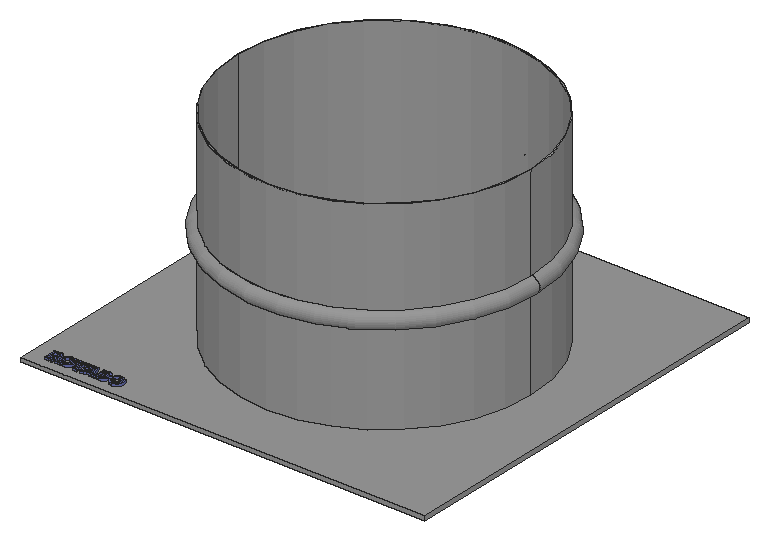
Revit family "ROTADO_ПереходныеЭлементы_ПлоскоеОснование", category Арматура воздуховодов, Revit 2019
Family settings
  Размер круглого соединителя = Использовать диаметр
  Тип детали = Присоединяется
  На основе рабочей плоскости = Нет
  Всегда вертикально = Да
  При загрузке вырезать с полостями = Нет
  Общий = Нет
Parameters (values of type "TST-355")
  Производитель_Контакты_Телефон = "88007002460"  # constant formula
  Производитель_Контакты_Почта = "sale@rotado.ru"  # constant formula
  Description = ""
  Изготовитель = "ROTADO"  # constant formula
  Watermark [instance] = "Модели защищены уникальным кодом"
  URL = "https://rotado.ru/"
  H = 250 mm
  D_1 = D + 1 mm  # 356 mm
  D = 355 mm
  C = 490 mm
  ADSK_Этаж [instance] = ""
  ADSK_Расход воздуха [instance] = 0.0 L/s
  ADSK_Размер_Ширина = C  # 490 mm
  ADSK_Размер_Длина = C  # 490 mm
  ADSK_Размер_Диаметр = D  # 355 mm
  ADSK_Размер_Высота = H  # 250 mm
  ADSK_Примечание [instance] = ""
  ADSK_Потеря давления воздуха [instance] = 0.0 Pa
  ADSK_Позиция [instance] = ""
  ADSK_Обозначение = "TST-315"
  ADSK_Наименование краткое [instance] = "Плоское основание"
  ADSK_Наименование = "Плоское основание"  # constant formula
  ADSK_Материал = ROTADO_Сталь_Нержавеющая_Оцинкованная
  ADSK_Масса_Текст = "3.2"
  ADSK_Масса = 3.2
  ADSK_Марка = ADSK_Обозначение  # "TST-315"
  ADSK_Количество = 1  # constant formula
  ADSK_Завод-изготовитель = "ROTADO"  # constant formula
  ADSK_Единица измерения = "шт."  # constant formula
  ADSK_Группирование [instance] = ""
  ADSK_Версия Revit = "2019"  # constant formula
  ADSK_URL страницы изделия = "https://rotado.ru/catalog/fasonnye-izdeliya-kruglogo-secheniya/ploskoe-osnovanie/"
  ADSK_URL документации изделия = "https://rotado.ru/catalog/fasonnye-izdeliya-kruglogo-secheniya/ploskoe-osnovanie/"
Types (7, lengths in mm): name | H | D_1 | D | C | ADSK_Размер_Ширина | ADSK_Размер_Длина | ADSK_Размер_Диаметр | ADSK_Размер_Высота | ADSK_Обозначение | ADSK_Масса_Текст | ADSK_Масса | ADSK_Марка
  TST-315 | 250 | 316 | 315 | 390 | 390 | 390 | 315 | 250 | "TST-315" | "3" | 3 | "TST-315"
  TST-355 | 250 | 356 | 355 | 490 | 490 | 490 | 355 | 250 | "TST-315" | "3.2" | 3.2 | "TST-315"
  TST-400 | 300 | 401 | 400 | 490 | 490 | 490 | 400 | 300 | "TST-400" | "4" | 4 | "TST-400"
  TST-500 | 310 | 501 | 500 | 615 | 615 | 615 | 500 | 310 | "TST-500" | "5" | 5 | "TST-500"
  TST-600 | 320 | 601 | 600 | 800 | 800 | 800 | 600 | 320 | "TST-600" | "7" | 7 | "TST-600"
  TST-680 | 350 | 681 | 680 | 880 | 880 | 880 | 680 | 350 | "TST-680" | "9" | 9 | "TST-680"
  TST-800 | 400 | 801 | 800 | 1000 | 1000 | 1000 | 800 | 400 | "TST-800" | "11" | 11 | "TST-800"
Reference planes
  plane 1 "По центру (Вперед/Назад)": y = 0
  plane 2: z = 0
  plane 3 "По центру (Влево/Вправо)": x = 120
  plane 4: y = 245
  plane 5: y = -245
  plane 6: x = -125
  plane 7: x = 365
  plane 8: z = 5
  plane 9: z = 250
  plane 10: z = 125
  plane 11: x = 298
  plane 12: x = -58
Forms (mm)
  Extrusion 1, solid, material "ROTADO_Сталь_Нержавеющая_Оцинкованная" <- "ADSK_Материал", detail levels medium+fine
    sketch origin (0, 0, 1055) x (0, -1, 0) y (1, 0, 0)
      loop
        line (-245, -125) -> (245, -125) -> (245, 365) -> (-245, 365) -> (-245, -125)
      loop
        circle (0, 120) r 177.5
    from -1055 to -1050
  Extrusion 2, solid, material "ROTADO_Сталь_Нержавеющая_Оцинкованная" <- "ADSK_Материал", detail levels medium+fine
    sketch origin (0, 0, 0) x (1, 0, 0) y (0, 1, 0)
      loop
        circle (120, 0) r 177.5
      loop
        circle (120, 0) r 178
    from 5 to 250
  Revolve 3, solid, material "ROTADO_Сталь_Нержавеющая_Оцинкованная" <- "ADSK_Материал", detail levels medium+fine
    sketch origin (0, 0, 0) x (1, 0, 0) y (0, 0, 1)
      loop
        line (298, 135) -> (298, 115)
        arc (298, 115) -> (308, 125) -> (298, 135) r 10
      axis (120, 135) -> (120, 115)
    angle from 0 to 360
Cuts and joins
  joined: Extrusion 2, Revolve 3
Lines and regions (mm)
  reference lines
    curve 1: line (120, 0, 0) -> (120, 0, 250)
  model lines, detail levels coarse
    curve 2: line (120, 0, 250) -> (120, 0, 0)
Dimensions and locks
  equal spacing: plane 4, plane 1 "По центру (Вперед/Назад)", plane 5
  "C": plane 5 to plane 4
  equal spacing: plane 6, plane 3 "По центру (Влево/Вправо)", plane 7
  "C": plane 6 to plane 7
  locked: plane 8 to plane 2 at 5
  "H": plane 9 to plane 2
  equal spacing: plane 9, plane 10, plane 2
  equal spacing: plane 11, plane 3 "По центру (Влево/Вправо)", plane 12
  "D_1": plane 11 to plane 12
  locked: plane 5 to nested 1 at 20
  locked: plane 6 to nested 1 at 20
  "D": diameter of Extrusion 1 sketch curve
  "D": diameter of Extrusion 2 sketch curve
  "D_1": diameter of Extrusion 2 sketch curve
  radius of Revolve 3 sketch curve = 10 mm
  aligned and locked: level to plane 2
  aligned and locked: plane 4 to Extrusion 1 sketch curve
  aligned and locked: plane 6 to Extrusion 1 sketch curve
  aligned and locked: plane 5 to Extrusion 1 sketch curve
  aligned and locked: plane 7 to Extrusion 1 sketch curve
  aligned and locked: plane 3 "По центру (Влево/Вправо)" to Extrusion 1 sketch curve
  aligned and locked: plane 1 "По центру (Вперед/Назад)" to Extrusion 1 sketch curve
  aligned and locked: Extrusion 1 to plane 2
  aligned and locked: plane 8 to Extrusion 1
  aligned and locked: plane 3 "По центру (Влево/Вправо)" to Extrusion 2 sketch curve  (x2)
  aligned and locked: plane 1 "По центру (Вперед/Назад)" to Extrusion 2 sketch curve  (x2)
  aligned and locked: plane 9 to Extrusion 2
  aligned and locked: Extrusion 2 to plane 8
  aligned and locked: plane 11 to Revolve 3 sketch curve  (x3)
  aligned and locked: plane 10 to Revolve 3 sketch curve
  aligned and locked: plane 9 to curve 1
  aligned and locked: plane 2 to curve 1
  aligned and locked: plane 3 "По центру (Влево/Вправо)" to curve 1
  aligned and locked: nested 1 to plane 8
  aligned and locked: plane 2 to curve 2
  aligned and locked: plane 9 to curve 2
  aligned and locked: curve 2 to plane 3 "По центру (Влево/Вправо)"
Automatic sketch dimensions
  Revolve 3 sketch curve to plane 3 "По центру (Влево/Вправо)" = 0 mm
  Revolve 3 sketch curve to level = 381 mm
  plane 9 to Revolve 3 sketch curve = 663.822 mm
Nested families
  nested 1: "RORADO_Logo_MIN" at (-180.321, -225, 7), type "RORADO_Logo_MIN", detail levels medium+fine
    with Толщина текста 2 mm, h2 -2 mm
Connectors
  hvac at (120, 0, 250), driven by "D", driven by "ADSK_Расход воздуха"
    settings: on curve 1, index 1, duct flow 0.0 L/s, flow factor 0, pres drop 0.0 Pa, loss coef 0, conn angle 0.00°, conn width 304.8 mm, conn height 304.8 mm, conn diameter 355 mm, duct sys type 29, conn prof type 0, flow config 0, flow direction 0, loss method 0, conn ref index 2, conn util no, is conn primary yes, conn desc ""
  hvac at (120, 0, 0), driven by "D"
    settings: on curve 1, index 2, duct flow 0.0 L/s, flow factor 0, pres drop 0.0 Pa, loss coef 0, conn angle 0.00°, conn width 304.8 mm, conn height 304.8 mm, conn diameter 355 mm, duct sys type 29, conn prof type 0, flow config 0, flow direction 0, loss method 0, conn ref index 1, conn util no, is conn primary no, conn desc ""
Definition of nested family "RORADO_Logo_MIN"
  Parameters (values of type "RORADO_Logo_MIN")
    Толщина текста = 5 mm
    Default Elevation = 1219.2 mm
    Description = ""
    Manufacturer = "ROTADO"  # constant formula
    h2 = -Толщина текста  # -5 mm
    h1 = 0 mm  # constant formula
    URL = "https://rotado.ru/"
  Reference planes
    plane 1 "По центру (Вперед/Назад)": y = 0
    plane 2: z = 0
    plane 3 "По центру (Влево/Вправо)": x = 120
    plane 4: z = -5
  Forms (mm)
    Extrusion 1, solid
      sketch origin (0, -7.835, 0) x (1, 0, 0) y (0, 1, 0)
        loop
          line (75.321, 12.899) -> (75.321, 0) -> (80.337, 0) -> (80.337, 3.499) -> (83.071, 0) -> (84.156, 0) -> (84.156, 1.261) -> (80.054, 6.705) -> (78.795, 6.705) -> (78.795, 1.528) -> (76.857, 1.528) -> (76.857, 12.899) -> (75.321, 12.899)
        loop
          line (78.673, 9.377) -> (78.673, 7.835) -> (81.123, 7.835)
          arc (81.123, 7.835) -> (83.728, 10.44) -> (81.123, 13.045) r 2.605
          line (81.123, 13.045) -> (78.673, 13.045) -> (78.673, 11.478) -> (81.024, 11.478)
          arc (81.024, 11.478) -> (82.074, 10.427) -> (81.024, 9.377) r 1.05
          line (81.024, 9.377) -> (78.673, 9.377)
        loop
          line (75.203, 15.885) -> (75.203, 14.334) -> (82.064, 14.334)
          arc (82.064, 14.334) -> (85.611, 10.938) -> (82.372, 7.246) r 3.55
          line (82.372, 7.246) -> (82.372, 6.2) -> (87.044, 0) -> (97.665, 0)
          arc (97.665, 0) -> (103.101, 2.252) -> (105.352, 7.687) r 7.687
          line (105.352, 7.687) -> (105.352, 9.009)
          arc (105.352, 9.009) -> (104.589, 9.772) -> (103.825, 9.009) r 0.764
          line (103.825, 9.009) -> (103.825, 7.721)
          arc (103.825, 7.721) -> (102.026, 3.377) -> (97.681, 1.577) r 6.144
          line (97.681, 1.577) -> (87.925, 1.577) -> (84.515, 6.102)
          spline (84.515, 6.102) -> (85.724, 7.18) -> (86.505, 8.353) -> (86.939, 9.535) -> (87.104, 10.636) -> (87.074, 11.581) -> (86.889, 12.382) -> (86.567, 13.092) -> (86.13, 13.763) -> (85.592, 14.447) -> (84.873, 15.109) -> (83.789, 15.629) -> (82.155, 15.885)
          line (82.155, 15.885) -> (75.203, 15.885)
        loop
          arc (91.856, 7.912) -> (100.539, 4.425) -> (96.864, 13.03) r 5.064
          arc (96.864, 13.03) -> (96.108, 12.293) -> (96.852, 11.542) r 0.744
          arc (96.852, 11.542) -> (99.477, 5.467) -> (93.344, 7.913) r 3.576
          arc (93.344, 7.913) -> (92.6, 8.691) -> (91.856, 7.912) r 0.745
        loop
          arc (91.766, 4.112) -> (91.218, 10.805) -> (96.934, 14.315) r 6.409
          line (96.934, 14.315) -> (126.688, 14.315) -> (131, 2.782) -> (135.813, 2.782) -> (135.813, 14.332) -> (139.905, 14.332)
          arc (139.905, 14.332) -> (142.348, 13.846) -> (144.42, 12.462) r 6.386
          line (144.42, 12.462) -> (145.686, 11.196)
          arc (145.686, 11.196) -> (146.819, 11.196) -> (146.819, 12.329) r 0.801
          line (146.819, 12.329) -> (145.789, 13.359)
          arc (145.789, 13.359) -> (142.987, 15.231) -> (139.683, 15.888) r 8.635
          line (139.683, 15.888) -> (134.258, 15.888) -> (134.258, 4.395) -> (132.105, 4.395) -> (127.822, 15.85) -> (96.678, 15.85)
          arc (96.678, 15.85) -> (89.635, 11.495) -> (90.383, 3.247) r 7.874
          arc (90.383, 3.247) -> (91.53, 2.951) -> (91.766, 4.112) r 0.817
        loop
          arc (104.141, 12.757) -> (103.378, 11.994) -> (104.141, 11.231) r 0.763
          line (104.141, 11.231) -> (109.226, 11.231) -> (109.226, 0.701) -> (109.718, 0) -> (111.628, 0) -> (113.638, 0) -> (114.129, 0.701) -> (114.129, 11.231) -> (119.315, 11.231)
          arc (119.315, 11.231) -> (120.078, 11.994) -> (119.315, 12.757) r 0.763
          line (119.315, 12.757) -> (112.554, 12.757) -> (112.554, 1.547) -> (111.728, 1.547) -> (110.902, 1.547) -> (110.902, 12.757) -> (104.141, 12.757)
        loop
          line (117.186, 0) -> (121.928, 0) -> (123.177, 2.806) -> (127.272, 2.806) -> (128.406, 0) -> (140.972, 0)
          spline (140.972, 0) -> (143.742, 0.702) -> (145.652, 2.021) -> (146.976, 3.642) -> (147.971, 5.274) -> (148.783, 6.836) -> (149.496, 8.356) -> (150.198, 9.858) -> (150.979, 11.319) -> (151.942, 12.599) -> (153.188, 13.544) -> (154.742, 14.058) -> (156.4, 14.208)
          line (156.4, 14.208) -> (158.27, 14.208)
          arc (158.27, 14.208) -> (159.039, 14.977) -> (158.27, 15.746) r 0.769
          line (158.27, 15.746) -> (156.043, 15.746)
          spline (156.043, 15.746) -> (154.373, 15.601) -> (152.781, 15.123) -> (151.431, 14.272) -> (150.32, 13.116) -> (149.387, 11.764) -> (148.57, 10.315) -> (147.8, 8.794) -> (147.003, 7.191) -> (146.103, 5.498) -> (144.95, 3.799) -> (143.232, 2.378) -> (140.615, 1.538)
          line (140.615, 1.538) -> (129.573, 1.499) -> (128.49, 4.395) -> (122.061, 4.395) -> (120.978, 1.572) -> (119.051, 1.572) -> (123.02, 11.912)
          arc (123.02, 11.912) -> (122.56, 12.947) -> (121.525, 12.486) r 0.801
          line (121.525, 12.486) -> (117.186, 1.183) -> (117.186, 0)
        loop
          arc (123.658, 7.244) -> (122.901, 6.487) -> (123.658, 5.73) r 0.757
          line (123.658, 5.73) -> (128.17, 5.73) -> (126.179, 11.054)
          arc (126.179, 11.054) -> (125.108, 11.507) -> (124.714, 10.412) r 0.801
          line (124.714, 10.412) -> (125.898, 7.244) -> (123.658, 7.244)
        loop
          arc (151.542, 7.908) -> (160.22, 4.42) -> (156.569, 13.03) r 5.064
          arc (156.569, 13.03) -> (155.825, 12.286) -> (156.569, 11.542) r 0.744
          arc (156.569, 11.542) -> (159.166, 5.47) -> (153.03, 7.924) r 3.576
          arc (153.03, 7.924) -> (152.278, 8.675) -> (151.542, 7.908) r 0.744
        loop
          arc (151.048, 2.157) -> (161.819, 1.926) -> (163.08, 12.625) r 8.011
          line (163.08, 12.625) -> (162.465, 13.486)
          arc (162.465, 13.486) -> (161.447, 13.656) -> (161.277, 12.638) r 0.73
          line (161.277, 12.638) -> (161.981, 11.651)
          arc (161.981, 11.651) -> (160.304, 2.584) -> (151.218, 4.155) r 6.559
          line (151.218, 4.155) -> (150.709, 4.762)
          arc (150.709, 4.762) -> (149.689, 4.852) -> (149.599, 3.832) r 0.724
          line (149.599, 3.832) -> (151.048, 2.157)
        loop
          line (137.421, 9.407) -> (137.421, 3.497) -> (137.922, 2.782) -> (139.777, 2.782)
          arc (139.777, 2.782) -> (144.855, 7.861) -> (139.777, 12.939) r 5.078
          line (139.777, 12.939) -> (138.109, 12.939)
          arc (138.109, 12.939) -> (137.307, 12.137) -> (138.109, 11.335) r 0.802
          line (138.109, 11.335) -> (139.876, 11.335)
          arc (139.876, 11.335) -> (143.334, 8.157) -> (140.457, 4.444) r 3.47
          line (140.457, 4.444) -> (139.106, 4.395) -> (139.106, 9.407)
          arc (139.106, 9.407) -> (138.264, 10.25) -> (137.421, 9.407) r 0.842
      from 0 <- "h1" to -5 <- "h2"
  Dimensions and locks
    "Толщина текста": plane 2 to plane 4
    aligned and locked: level to plane 2
  Automatic sketch dimensions
    Extrusion 1 sketch curve to Extrusion 1 sketch curve = 0 mm  (x7)
    plane 1 "По центру (Вперед/Назад)" to Extrusion 1 sketch curve = 7.835 mm  (x6)
    Extrusion 1 sketch curve to plane 1 "По центру (Вперед/Назад)" = 8.05 mm
    Extrusion 1 sketch curve to plane 3 "По центру (Влево/Вправо)" = 44.797 mm
    Extrusion 1 sketch curve to Extrusion 1 sketch curve = 0.118 mm
    Extrusion 1 sketch curve to Extrusion 1 sketch curve = 1.536 mm
    Extrusion 1 sketch curve to Extrusion 1 sketch curve = 1.816 mm
    Extrusion 1 sketch curve to Extrusion 1 sketch curve = 1.938 mm
    plane 1 "По центру (Вперед/Назад)" to Extrusion 1 sketch curve = 1.13 mm
    Extrusion 1 sketch curve to Extrusion 1 sketch curve = 1.258 mm
    Extrusion 1 sketch curve to Extrusion 1 sketch curve = 1.542 mm  (x2)
    Extrusion 1 sketch curve to Extrusion 1 sketch curve = 2.352 mm
    Extrusion 1 sketch curve to Extrusion 1 sketch curve = 0.099 mm  (x2)
    Extrusion 1 sketch curve to Extrusion 1 sketch curve = 0.94 mm
    Extrusion 1 sketch curve to Extrusion 1 sketch curve = 0.092 mm
    Extrusion 1 sketch curve to Extrusion 1 sketch curve = 1.249 mm
    Extrusion 1 sketch curve to Extrusion 1 sketch curve = 2.734 mm
    Extrusion 1 sketch curve to Extrusion 1 sketch curve = 1.085 mm
    plane 1 "По центру (Вперед/Назад)" to Extrusion 1 sketch curve = 1.732 mm
    Extrusion 1 sketch curve to Extrusion 1 sketch curve = 2.143 mm
    Extrusion 1 sketch curve to Extrusion 1 sketch curve = 2.888 mm
    plane 1 "По центру (Вперед/Назад)" to Extrusion 1 sketch curve = 6.258 mm
    Extrusion 1 sketch curve to Extrusion 1 sketch curve = 0.882 mm
    Extrusion 1 sketch curve to Extrusion 1 sketch curve = 3.172 mm
    Extrusion 1 sketch curve to Extrusion 1 sketch curve = 1.503 mm
    Extrusion 1 sketch curve to Extrusion 1 sketch curve = 4.078 mm
    Extrusion 1 sketch curve to Extrusion 1 sketch curve = 0.173 mm
    Extrusion 1 sketch curve to Extrusion 1 sketch curve = 0.241 mm
    Extrusion 1 sketch curve to Extrusion 1 sketch curve = 0.255 mm
    Extrusion 1 sketch curve to Extrusion 1 sketch curve = 0.732 mm
    Extrusion 1 sketch curve to Extrusion 1 sketch curve = 0.016 mm
    Extrusion 1 sketch curve to Extrusion 1 sketch curve = 6.144 mm
    Extrusion 1 sketch curve to Extrusion 1 sketch curve = 0.315 mm
    Extrusion 1 sketch curve to Extrusion 1 sketch curve = 0.764 mm
    Extrusion 1 sketch curve to Extrusion 1 sketch curve = 3.874 mm
    Extrusion 1 sketch curve to Extrusion 1 sketch curve = 0.491 mm
    Extrusion 1 sketch curve to Extrusion 1 sketch curve = 1.675 mm
    Extrusion 1 sketch curve to Extrusion 1 sketch curve = 0.826 mm  (x2)
    Extrusion 1 sketch curve to Extrusion 1 sketch curve = 0.1 mm
    Extrusion 1 sketch curve to Extrusion 1 sketch curve = 1.084 mm
    Extrusion 1 sketch curve to Extrusion 1 sketch curve = 1.575 mm
    plane 1 "По центру (Вперед/Назад)" to Extrusion 1 sketch curve = 6.651 mm
    Extrusion 1 sketch curve to plane 3 "По центру (Влево/Вправо)" = 2.814 mm
    Extrusion 1 sketch curve to plane 3 "По центру (Влево/Вправо)" = 0.949 mm
    Extrusion 1 sketch curve to plane 3 "По центру (Влево/Вправо)" = 0.685 mm
    plane 3 "По центру (Влево/Вправо)" to Extrusion 1 sketch curve = 0.978 mm
    plane 3 "По центру (Влево/Вправо)" to Extrusion 1 sketch curve = 1.525 mm
    Extrusion 1 sketch curve to Extrusion 1 sketch curve = 0.95 mm
    plane 3 "По центру (Влево/Вправо)" to Extrusion 1 sketch curve = 2.061 mm
    Extrusion 1 sketch curve to Extrusion 1 sketch curve = 0.748 mm  (x2)
    Extrusion 1 sketch curve to Extrusion 1 sketch curve = 1.116 mm
    Extrusion 1 sketch curve to Extrusion 1 sketch curve = 1.597 mm
    Extrusion 1 sketch curve to Extrusion 1 sketch curve = 1.693 mm
    Extrusion 1 sketch curve to Extrusion 1 sketch curve = 0.715 mm  (x2)
    Extrusion 1 sketch curve to Extrusion 1 sketch curve = 2.24 mm
    Extrusion 1 sketch curve to Extrusion 1 sketch curve = 0.75 mm
    Extrusion 1 sketch curve to Extrusion 1 sketch curve = 0.509 mm  (x2)
    plane 1 "По центру (Вперед/Назад)" to Extrusion 1 sketch curve = 5.029 mm
    Extrusion 1 sketch curve to Extrusion 1 sketch curve = 4.095 mm
    Extrusion 1 sketch curve to Extrusion 1 sketch curve = 1.134 mm  (x2)
    Extrusion 1 sketch curve to Extrusion 1 sketch curve = 2.271 mm
    Extrusion 1 sketch curve to Extrusion 1 sketch curve = 0.32 mm
    plane 1 "По центру (Вперед/Назад)" to Extrusion 1 sketch curve = 6.336 mm
    Extrusion 1 sketch curve to Extrusion 1 sketch curve = 1.167 mm
    Extrusion 1 sketch curve to Extrusion 1 sketch curve = 1.427 mm
    Extrusion 1 sketch curve to Extrusion 1 sketch curve = 1.105 mm
    Extrusion 1 sketch curve to Extrusion 1 sketch curve = 2.153 mm
    Extrusion 1 sketch curve to Extrusion 1 sketch curve = 1.555 mm
    Extrusion 1 sketch curve to Extrusion 1 sketch curve = 1.609 mm
    plane 1 "По центру (Вперед/Назад)" to Extrusion 1 sketch curve = 5.052 mm
    Extrusion 1 sketch curve to Extrusion 1 sketch curve = 0.501 mm
    Extrusion 1 sketch curve to Extrusion 1 sketch curve = 2.296 mm
    Extrusion 1 sketch curve to Extrusion 1 sketch curve = 0.842 mm
    Extrusion 1 sketch curve to Extrusion 1 sketch curve = 0.576 mm
    Extrusion 1 sketch curve to Extrusion 1 sketch curve = 1.668 mm
    Extrusion 1 sketch curve to Extrusion 1 sketch curve = 0.029 mm
    plane 1 "По центру (Вперед/Назад)" to Extrusion 1 sketch curve = 3.391 mm
    Extrusion 1 sketch curve to Extrusion 1 sketch curve = 1.351 mm
    plane 1 "По центру (Вперед/Назад)" to Extrusion 1 sketch curve = 6.297 mm
    Extrusion 1 sketch curve to Extrusion 1 sketch curve = 0.839 mm
    Extrusion 1 sketch curve to Extrusion 1 sketch curve = 0.357 mm  (x2)
    Extrusion 1 sketch curve to plane 1 "По центру (Вперед/Назад)" = 4.627 mm
    Extrusion 1 sketch curve to Extrusion 1 sketch curve = 4.643 mm
    Extrusion 1 sketch curve to plane 1 "По центру (Вперед/Назад)" = 3.361 mm
    Extrusion 1 sketch curve to Extrusion 1 sketch curve = 1.266 mm
    Extrusion 1 sketch curve to plane 1 "По центру (Вперед/Назад)" = 5.524 mm
    Extrusion 1 sketch curve to Extrusion 1 sketch curve = 1.369 mm
    Extrusion 1 sketch curve to Extrusion 1 sketch curve = 0.566 mm  (x2)
    Extrusion 1 sketch curve to plane 1 "По центру (Вперед/Назад)" = 4.494 mm
    plane 1 "По центру (Вперед/Назад)" to Extrusion 1 sketch curve = 4.003 mm
    Extrusion 1 sketch curve to Extrusion 1 sketch curve = 3.913 mm
    Extrusion 1 sketch curve to Extrusion 1 sketch curve = 0.555 mm  (x2)
    plane 1 "По центру (Вперед/Назад)" to Extrusion 1 sketch curve = 3.072 mm
    plane 1 "По центру (Вперед/Назад)" to Extrusion 1 sketch curve = 5.678 mm
    Extrusion 1 sketch curve to Extrusion 1 sketch curve = 1.449 mm
    plane 1 "По центру (Вперед/Назад)" to Extrusion 1 sketch curve = 3.679 mm
    Extrusion 1 sketch curve to Extrusion 1 sketch curve = 1.577 mm
    Extrusion 1 sketch curve to Extrusion 1 sketch curve = 3.757 mm
    Extrusion 1 sketch curve to Extrusion 1 sketch curve = 4.27 mm
    Extrusion 1 sketch curve to Extrusion 1 sketch curve = 0.005 mm
    Extrusion 1 sketch curve to Extrusion 1 sketch curve = 0.169 mm
    Extrusion 1 sketch curve to Extrusion 1 sketch curve = 0.045 mm
    Extrusion 1 sketch curve to Extrusion 1 sketch curve = 1.87 mm
    Extrusion 1 sketch curve to plane 1 "По центру (Вперед/Назад)" = 4.803 mm
    Extrusion 1 sketch curve to Extrusion 1 sketch curve = 3.008 mm
    Extrusion 1 sketch curve to Extrusion 1 sketch curve = 0.594 mm  (x2)
    Extrusion 1 sketch curve to plane 1 "По центру (Вперед/Назад)" = 3.816 mm
    Extrusion 1 sketch curve to Extrusion 1 sketch curve = 0.704 mm
    Extrusion 1 sketch curve to plane 1 "По центру (Вперед/Назад)" = 5.651 mm
    Extrusion 1 sketch curve to plane 1 "По центру (Вперед/Назад)" = 4.791 mm
    Extrusion 1 sketch curve to Extrusion 1 sketch curve = 0.615 mm
    plane 1 "По центру (Вперед/Назад)" to Extrusion 1 sketch curve = 7.133 mm  (x2)
    plane 1 "По центру (Вперед/Назад)" to Extrusion 1 sketch curve = 6.574 mm
    plane 1 "По центру (Вперед/Назад)" to Extrusion 1 sketch curve = 6.307 mm
    plane 1 "По центру (Вперед/Назад)" to Extrusion 1 sketch curve = 6.288 mm
    plane 1 "По центру (Вперед/Назад)" to Extrusion 1 sketch curve = 6.262 mm
    Extrusion 1 sketch curve to Extrusion 1 sketch curve = 1.971 mm
    plane 1 "По центру (Вперед/Назад)" to Extrusion 1 sketch curve = 4.191 mm
    Extrusion 1 sketch curve to Extrusion 1 sketch curve = 1.612 mm
    Extrusion 1 sketch curve to Extrusion 1 sketch curve = 1.589 mm
    Extrusion 1 sketch curve to Extrusion 1 sketch curve = 0.049 mm
    Extrusion 1 sketch curve to Extrusion 1 sketch curve = 1.336 mm
    Extrusion 1 sketch curve to Extrusion 1 sketch curve = 0.097 mm
    Extrusion 1 sketch curve to Extrusion 1 sketch curve = 0.757 mm
    Extrusion 1 sketch curve to Extrusion 1 sketch curve = 1.047 mm
    Extrusion 1 sketch curve to Extrusion 1 sketch curve = 2.809 mm
    Extrusion 1 sketch curve to Extrusion 1 sketch curve = 1.13 mm
    Extrusion 1 sketch curve to Extrusion 1 sketch curve = 0.608 mm
    Extrusion 1 sketch curve to Extrusion 1 sketch curve = 0.004 mm
    Extrusion 1 sketch curve to Extrusion 1 sketch curve = 0.219 mm
    Extrusion 1 sketch curve to Extrusion 1 sketch curve = 3.169 mm
    Extrusion 1 sketch curve to Extrusion 1 sketch curve = 0.082 mm
    Extrusion 1 sketch curve to Extrusion 1 sketch curve = 0.041 mm  (x2)
    Extrusion 1 sketch curve to Extrusion 1 sketch curve = 0.003 mm  (x2)
    Extrusion 1 sketch curve to Extrusion 1 sketch curve = 0.061 mm
    Extrusion 1 sketch curve to Extrusion 1 sketch curve = 0.009 mm
    Extrusion 1 sketch curve to Extrusion 1 sketch curve = 1.288 mm
    Extrusion 1 sketch curve to Extrusion 1 sketch curve = 1.461 mm
    Extrusion 1 sketch curve to Extrusion 1 sketch curve = 3.168 mm
    Extrusion 1 sketch curve to Extrusion 1 sketch curve = 1.05 mm
    Extrusion 1 sketch curve to Extrusion 1 sketch curve = 0.013 mm  (x2)
    Extrusion 1 sketch curve to Extrusion 1 sketch curve = 0.361 mm
    Extrusion 1 sketch curve to Extrusion 1 sketch curve = 0.344 mm
    Extrusion 1 sketch curve to Extrusion 1 sketch curve = 2.222 mm  (x2)
    Extrusion 1 sketch curve to Extrusion 1 sketch curve = 1.5 mm
    Extrusion 1 sketch curve to Extrusion 1 sketch curve = 0.763 mm  (x2)
    Extrusion 1 sketch curve to Extrusion 1 sketch curve = 0.287 mm
    Extrusion 1 sketch curve to Extrusion 1 sketch curve = 4.31 mm
    Extrusion 1 sketch curve to Extrusion 1 sketch curve = 4.316 mm
    Extrusion 1 sketch curve to Extrusion 1 sketch curve = 1.435 mm
    Extrusion 1 sketch curve to Extrusion 1 sketch curve = 1.922 mm
    Extrusion 1 sketch curve to Extrusion 1 sketch curve = 3.261 mm
    Extrusion 1 sketch curve to Extrusion 1 sketch curve = 0.769 mm
    Extrusion 1 sketch curve to Extrusion 1 sketch curve = 1.535 mm
    Extrusion 1 sketch curve to Extrusion 1 sketch curve = 0.714 mm
    Extrusion 1 sketch curve to Extrusion 1 sketch curve = 0.666 mm
    Extrusion 1 sketch curve to Extrusion 1 sketch curve = 0.744 mm  (x4)
    Extrusion 1 sketch curve to Extrusion 1 sketch curve = 0.011 mm
    Extrusion 1 sketch curve to Extrusion 1 sketch curve = 0.023 mm
    Extrusion 1 sketch curve to Extrusion 1 sketch curve = 0.035 mm
